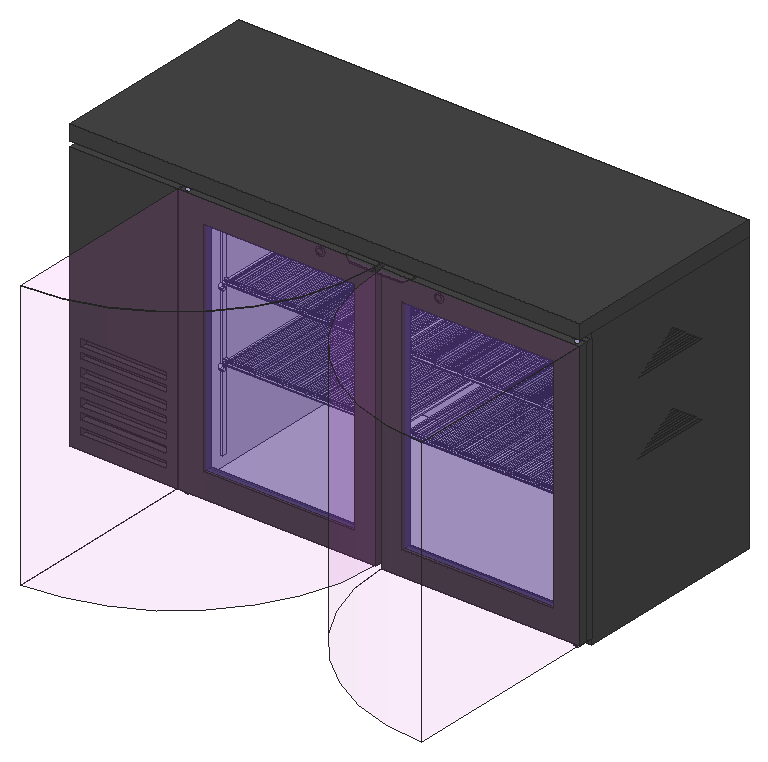
Revit family "QF_True_TBB24-60-2G-Z1-BST-S-1_Glass_Swing_Door_Back_Bar", category Specialty Equipment, Revit 2021
Family settings
  Round Connector Dimension = Use Diameter
  Part Type = Normal
  Work Plane-Based = No
  Always vertical = Yes
  Cut with Voids When Loaded = No
  Shared = No
  Room Calculation Point = No
Parameters
  Weight in Pounds = 345
  Watts = Volts * FL Amps  # 368 W
  Volts = 115 V
  URL Cutsheet = ""
  Specification by User = ""
  Specification by Manufacturer = ""
  Show Seismic Flanged [instance] = yes
  Show Door Clearance [instance] = yes
  Show Default [instance] = if(or([Show 2" Casters], [Show 3" Casters]), or(or([Show 4" Casters], [Show 5" Casters], [Show 6" Legs]), and([Show 2" Casters], [Show 3" Casters]), and([Show 3" Casters], Show Seismic Flanged)), if(or([Show 4" Casters], [Show 5" Casters]), or(or([Show 6" Legs], Show Seismic Flanged), and([Show 4" Casters], [Show 5" Casters])), if([Show 6" Legs], Show Seismic Flanged, not(Show Seismic Flanged))))  # yes
  Show 6" Legs [instance] = yes
  Show 5" Casters [instance] = yes
  Show 4" Casters [instance] = yes
  Show 3" Casters [instance] = yes
  Show 2" Casters [instance] = yes
  Serial Number = ""
  Seismic Rating = ""
  SMACNA No = ""
  Revision Code = ""
  Phase = 1
  Number of Poles = 1
  NAFEM Spec ID Number = ""
  Model = "TBB24-60-2G-Z1-BST-S-1"
  Min Ckt Ampacity = 0 A
  Max Overcurrent Protection = 0 A
  Masterspec = ""
  Manufacturer = "True"
  Length = 60 1/32"
  Item Number = ""
  Installed By = ""
  Identify Quantity as Lot = yes
  Height [instance] = Base Height + Body Height  # 34 3/16"
  HP = "1/4"
  Furnished By = ""
  Foodservice Equipment Identifier = yes
  FL Amps = 3.2 A
  Electrical Remarks = ""
  Electric Connection Type = ""
  Elec Conn RI Height = 0"
  Elec Conn Connection Height = 0"
  Door Finish [instance] = QF_Metallic_Paint_Black_Smooth
  Description = "Glass Swing Door Back Bar 24\" Depth Single Zone Cooler with Black Sub Top and Black Exterior"
  Depth = 25 11/32"
  Default Elevation = 0"
  Cycle = 60 Hz
  Counter Top Finish [instance] = QF_Metallic_Paint_Black_Smooth
  Conn Plug = "NEMA 5-15P"
  Conn Conduit = yes
  CSI MasterFormat = ""
  Body Height [instance] = 34 3/16"
  Body Finish [instance] = QF_Metallic_Paint_Black_Smooth
  Base Height [instance] = if(Show Default, 0", if([Show 2" Casters], 2", if([Show 3" Casters], 3", if([Show 4" Casters], 4", if([Show 5" Casters], 5", if([Show 6" Legs], 6", if(Show Seismic Flanged, 6", 0")))))))  # 0"
  Apparent Power = 0 VA
Reference planes (in)
  plane 1 "BACK": y = 0
  plane 2: z = 0
  plane 3 "LEFT": x = 0
  plane 4 "RIGHT": x = 60.03125
  plane 5 "FRONT": y = -25.34375
  plane 6 "TOP": z = 34.1875
  plane 7 "Center Y": x = 30.01563
  plane 8 "Center X": y = -12.67188
  plane 9: z = 0
Dimensions and locks (in)
  equal spacing: plane 3 "LEFT", plane 7 "Center Y", plane 4 "RIGHT"
  "Length": plane 3 "LEFT" to plane 4 "RIGHT"
  equal spacing: plane 5 "FRONT", plane 8 "Center X", plane 1 "BACK"
  "Depth": plane 5 "FRONT" to plane 1 "BACK"
  plane 6 "TOP" to level = 34 3/16"
  "Body Height": plane 6 "TOP" to plane 9
  "Base Height": plane 9 to level
  aligned and locked: level to plane 2
  aligned and locked: nested 1 to plane 9
Nested families (in)
  nested 1: "TBB24-60-2G-Z1-BST-B-1" at (0, 0, 0), Body Finish <- "Body Finish", Counter Top Finishes <- "Counter Top Finish", Door Finish <- "Door Finish", Show Door Clearance <- "Show Door Clearance", type "TBB24-60-2G-Z1-BST-B-1"
    with Show Door Clearance yes, Door Finish QF_Metallic_Paint_Black_Smooth, Counter Top Finishes QF_Metallic_Paint_Black_Smooth, Body Finish QF_Metallic_Paint_Black_Smooth
  nested 2: "Family3" at (3.26562, -20.66792, 0), Show 2" Casters <- "Show 2" Casters", Show 3" Casters <- "Show 3" Casters", Show 4" Casters <- "Show 4" Casters", Show 5" Casters <- "Show 5" Casters", Show 6" Legs <- "Show 6" Legs", Show Seismic Flanged <- "Show Seismic Flanged", type "Family3"
    with Show Seismic Flanged yes, Show 6" Legs yes, Show 5" Casters yes, Show 4" Casters yes, Show 3" Casters yes, Show 2" Casters yes
  nested 3: "Family3" at (57.26562, -20.66792, 0), Show 2" Casters <- "Show 2" Casters", Show 3" Casters <- "Show 3" Casters", Show 4" Casters <- "Show 4" Casters", Show 5" Casters <- "Show 5" Casters", Show 6" Legs <- "Show 6" Legs", Show Seismic Flanged <- "Show Seismic Flanged", type "Family3"
    with Show Seismic Flanged yes, Show 6" Legs yes, Show 5" Casters yes, Show 4" Casters yes, Show 3" Casters yes, Show 2" Casters yes
  nested 4: "Family3" at (3.26562, -2.91792, 0), Show 2" Casters <- "Show 2" Casters", Show 3" Casters <- "Show 3" Casters", Show 4" Casters <- "Show 4" Casters", Show 5" Casters <- "Show 5" Casters", Show 6" Legs <- "Show 6" Legs", Show Seismic Flanged <- "Show Seismic Flanged", type "Family3"
    with Show Seismic Flanged yes, Show 6" Legs yes, Show 5" Casters yes, Show 4" Casters yes, Show 3" Casters yes, Show 2" Casters yes
  nested 5: "Family3" at (57.26562, -2.91792, 0), Show 2" Casters <- "Show 2" Casters", Show 3" Casters <- "Show 3" Casters", Show 4" Casters <- "Show 4" Casters", Show 5" Casters <- "Show 5" Casters", Show 6" Legs <- "Show 6" Legs", Show Seismic Flanged <- "Show Seismic Flanged", type "Family3"
    with Show Seismic Flanged yes, Show 6" Legs yes, Show 5" Casters yes, Show 4" Casters yes, Show 3" Casters yes, Show 2" Casters yes
Connectors (in)
  electrical at (5.92159, 0.23047, 18.36709), driven by "Volts", driven by "Watts"
    settings: on nested 1, index 1, voltage 115 V, apparent load 368 VA, apparent load phase1 0 VA, apparent load phase2 0 VA, apparent load phase3 0 VA, power factor 1, load classification "Other", number of poles 1, system type 30, power factor state 1, is connector primary yes, connector utility no, sub classification motor no, connector description "ELECTRICAL CONNECTION"
Definition of nested family "TBB24-60-2G-Z1-BST-B-1"
  Parameters (values of type "TBB24-60-2G-Z1-BST-B-1")
    Weight in Pounds = 0
    URL Cutsheet = ""
    Specification by User = ""
    Specification by Manufacturer = ""
    Show Door Clearance [instance] = yes
    Serial Number = ""
    Seismic Rating = ""
    SMACNA No = ""
    Revision Code = ""
    NAFEM Spec ID Number = ""
    Masterspec = ""
    Length = 60 1/32"
    Item Number = ""
    Installed By = ""
    Identify Quantity as Lot = yes
    Height = 34 23/32"
    Furnished By = ""
    Foodservice Equipment Identifier = yes
    Door Finish [instance] = none
    Depth = 25 11/32"
    Default Elevation = 0"
    Counter Top Finishes [instance] = none
    CSI MasterFormat = ""
    Body Finish [instance] = none
  Reference planes (in)
    plane 1 "BACK": y = 0
    plane 2: z = 0
    plane 3 "LEFT": x = 0
    plane 4 "RIGHT": x = 60.03125
    plane 5 "FRONT": y = -25.34375
    plane 6 "TOP": z = 34.71875
    plane 7 "Center Y": x = 30.01563
    plane 8 "Center X": y = -12.67188
    plane 9: y = -48.09375
    plane 10: z = 0.6875
    plane 11: z = 32.9375
    plane 12: z = 2.0625
    plane 13: y = -21.41792
    plane 14: z = 0.33506
    plane 15: y = -24.875
    plane 16: y = -21.41792
  Forms (in)
    Extrusion 1, solid, material <- "Counter Top Finishes"
      sketch origin (0, 0, 0) x (1, 0, 0) y (0, 0, 1)
        loop
          line (0, 34.71875) -> (0, 32.9375) -> (60.03125, 32.9375) -> (60.03125, 34.71875) -> (0, 34.71875)
      from 0 to 24.875
    Extrusion 2, solid, material <- "Body Finish"
      sketch origin (0, 0, 0) x (0, 1, 0) y (0, 0, 1)
        loop
          line (0, 32.9375) -> (-23.09422, 32.9375) -> (-23.09422, 0) -> (0, 0) -> (0, 32.9375)
      from 0 to 60.03125
    Extrusion 3, void
      sketch origin (-0.75, -1.91691, 2.0625) x (0, -1, 0) y (1, 0, 0)
        loop
          line (0, 15.65625) -> (21.17731, 15.65625) -> (21.17731, 58.16688) -> (0, 58.16688) -> (0, 15.65625)
      from 0 to 30.21251
    Extrusion 4, solid, material <- "Body Finish"
      sketch origin (0, -23.09422, 32.9375) x (0, 0, -1) y (1, 0, 0)
        loop
          line (0.66249, 0) -> (32.25, 0) -> (32.25, 12.78125) -> (0.66249, 12.78125) -> (0.66249, 0)
      from 0 to 1.78078
    Extrusion 5, void
      sketch origin (0, -24.875, 32.9375) x (0, 0, 1) y (1, 0, 0)
        loop
          line (-20.35539, 1.27626) -> (-20.35539, 11.4546) -> (-21.35539, 11.4546) -> (-21.35539, 1.27626) -> (-20.35539, 1.27626)
        loop
          line (-21.80947, 1.27626) -> (-21.80947, 11.4546) -> (-22.63661, 11.4546) -> (-22.63661, 1.27626) -> (-21.80947, 1.27626)
        loop
          line (-23.48039, 1.27626) -> (-23.48039, 11.4546) -> (-24.48039, 11.4546) -> (-24.48039, 1.27626) -> (-23.48039, 1.27626)
        loop
          line (-25.05947, 1.27626) -> (-25.05947, 11.4546) -> (-25.88661, 11.4546) -> (-25.88661, 1.27626) -> (-25.05947, 1.27626)
        loop
          line (-26.60539, 1.27626) -> (-26.60539, 11.4546) -> (-27.60539, 11.4546) -> (-27.60539, 1.27626) -> (-26.60539, 1.27626)
        loop
          line (-28.18447, 1.27626) -> (-28.18447, 11.4546) -> (-29.01161, 11.4546) -> (-29.01161, 1.27626) -> (-28.18447, 1.27626)
        loop
          line (-29.80947, 1.27626) -> (-29.80947, 11.4546) -> (-30.63661, 11.4546) -> (-30.63661, 1.27626) -> (-29.80947, 1.27626)
      from 0 to 0.83594
    Extrusion 6, solid
      sketch origin (0, 0, 32.6875) x (0, 0, 1) y (1, 0, 0)
        loop
          arc (-12.59037, 11.27264) -> (-12.81004, 11.80298) -> (-13.34037, 12.02264) r 0.75
          line (-13.34037, 12.02264) -> (-31.375, 12.02264)
          arc (-31.375, 12.02264) -> (-31.90533, 11.80298) -> (-32.125, 11.27264) r 0.75
          line (-32.125, 11.27264) -> (-32.125, 0.75)
          arc (-32.125, 0.75) -> (-31.90533, 0.21967) -> (-31.375, 0) r 0.75
          line (-31.375, 0) -> (-13.34037, 0)
          arc (-13.34037, 0) -> (-12.81004, 0.21967) -> (-12.59037, 0.75) r 0.75
          line (-12.59037, 0.75) -> (-12.59037, 5.19897) -> (-12.14941, 5.19897)
          arc (-12.14941, 5.19897) -> (-11.39941, 5.94897) -> (-12.14941, 6.69897) r 0.75
          line (-12.14941, 6.69897) -> (-12.59037, 6.69897) -> (-12.59037, 11.27264)
      from 0 to 0.03125
    Extrusion 7, solid
      sketch origin (0, 0.03125, 32.6875) x (0, 0, 1) y (1, 0, 0)
        loop
          line (-11.64941, 5.94897) -> (-11.89941, 6.38198) -> (-12.39941, 6.38198) -> (-12.64941, 5.94897) -> (-12.39941, 5.51596) -> (-11.89941, 5.51596) -> (-11.64941, 5.94897)
      from 0 to 0.19922
    Extrusion 8, solid
      sketch origin (0, 0.03125, 32.6875) x (0, 0, 1) y (1, 0, 0)
        loop
          circle (-14.32041, 5.92159) r 0.5
      from 0 to 0.19922
    Blend 9, solid, material <- "Door Finish"
      base sketch origin (-5, -24.875, 35.99786) x (0, 0, -1) y (1, 0, 0)
        loop
          circle (4.37806, 48.52437) r 0.5
      top sketch origin (-5, -24.875, 35.99786) x (0, 0, 1) y (1, 0, 0)
        loop
          circle (-4.37806, 48.52437) r 0.37406
      from 0 to 0.04478
    Extrusion 10, solid
      sketch origin (14.90625, -23.09422, 2.0625) x (0, 1, 0) y (0, 0, 1)
        loop
          line (1.6763, 28.46788) -> (1.6763, 1.46788) -> (2.1763, 1.46788) -> (2.1763, 28.46788) -> (1.6763, 28.46788)
        loop
          line (17.9263, 28.46788) -> (17.9263, 1.46788) -> (18.4263, 1.46788) -> (18.4263, 28.46788) -> (17.9263, 28.46788)
      from 0 to 0.38124
    Extrusion 11, solid
      sketch origin (57.41688, -1.91691, 2.0625) x (0, -1, 0) y (0, 0, 1)
        loop
          line (19.50101, 28.46788) -> (19.00101, 28.46788) -> (19.00101, 1.46788) -> (19.50101, 1.46788) -> (19.50101, 28.46788)
        loop
          line (3.25101, 28.46788) -> (2.75101, 28.46788) -> (2.75101, 1.46788) -> (3.25101, 1.46788) -> (3.25101, 28.46788)
      from 0 to 0.38124
    Extrusion 12, solid
      sketch origin (19.04188, -1.91691, 2.0625) x (1, 0, 0) y (0, 0, 1)
        loop
          line (15.49577, 28.46788) -> (15.49577, 1.46788) -> (15.99577, 1.46788) -> (15.99577, 28.46788) -> (15.49577, 28.46788)
        loop
          line (18.27204, 28.46788) -> (17.77204, 28.46788) -> (17.77204, 1.46788) -> (18.27204, 1.46788) -> (18.27204, 28.46788)
        loop
          line (-0.31673, 28.46788) -> (-0.31673, 1.46788) -> (0.18327, 1.46788) -> (0.18327, 28.46788) -> (-0.31673, 28.46788)
        loop
          line (34.59516, 28.46788) -> (34.09516, 28.46788) -> (34.09516, 1.46788) -> (34.59516, 1.46788) -> (34.59516, 28.46788)
      from 0 to 0.38281
    Sweep 13, solid
      path origin (-10.42517, -180.25, 22.00641) x (-1, 0, 0) y (0, -1, 0)
        loop
          line (-25.93408, -158.83208) -> (-45.43408, -158.83208)
          arc (-45.43408, -158.83208) -> (-45.78763, -158.97853) -> (-45.93408, -159.33208) r 0.5
          line (-45.93408, -159.33208) -> (-45.93408, -177.20028)
          arc (-45.93408, -177.20028) -> (-45.78763, -177.55383) -> (-45.43408, -177.70028) r 0.5
          line (-45.43408, -177.70028) -> (-26.43408, -177.70028)
          arc (-26.43408, -177.70028) -> (-26.08052, -177.55383) -> (-25.93408, -177.20028) r 0.5
          line (-25.93408, -177.20028) -> (-25.93408, -158.33208)
          arc (-25.93408, -158.33208) -> (-26.08052, -157.97853) -> (-26.43408, -157.83208) r 0.5
          line (-26.43408, -157.83208) -> (-26.68408, -157.83208)
      profile origin (15.50891, -12.48382, 22.00641) x (1, 0, 0) y (0, 0, 1)
        loop
          circle (0, -0.10817) r 0.14183
    Extrusion 14, solid
      sketch origin (19.04188, -21.41792, 3.53038) x (0, 0, 1) y (-1, 0, 0)
        loop
          line (18.22603, 3.31156) -> (18.22603, 3.75439) -> (17.64488, 3.75439) -> (18.08771, 3.31156) -> (18.22603, 3.31156)
        loop
          line (18.22603, -37.55093) -> (18.08771, -37.55093) -> (17.64488, -37.99376) -> (18.22603, -37.99376) -> (18.22603, -37.55093)
      from 0 to -0.5
    Extrusion 15, solid
      sketch origin (25.04188, -5.16792, 3.53038) x (0, 0, 1) y (-1, 0, 0)
        loop
          line (18.22603, 9.31156) -> (18.22603, 9.75439) -> (17.64488, 9.75439) -> (18.08771, 9.31156) -> (18.22603, 9.31156)
        loop
          line (18.22603, -31.55093) -> (18.08771, -31.55093) -> (17.64488, -31.99376) -> (18.22603, -31.99376) -> (18.22603, -31.55093)
      from 0 to -0.5
    Extrusion 16, solid
      sketch origin (34.53765, -1.91691, 3.53038) x (0, 0, 1) y (0, 1, 0)
        loop
          line (18.22603, -0.82564) -> (18.22603, -0.38281) -> (17.64488, -0.38281) -> (18.08771, -0.82564) -> (18.22603, -0.82564)
      from 0 to -0.5
    Extrusion 17, solid
      sketch origin (18.72515, -1.91691, 3.53038) x (0, 0, 1) y (0, 1, 0)
        loop
          line (18.22603, -0.82564) -> (18.22603, -0.38281) -> (17.64488, -0.38281) -> (18.08771, -0.82564) -> (18.22603, -0.82564)
      from 0 to -0.5
    Extrusion 18, solid
      sketch origin (37.31391, -1.91691, 29.47235) x (0, 0, 1) y (0, -1, 0)
        loop
          line (-7.71594, 0.82564) -> (-7.85426, 0.82564) -> (-8.29708, 0.38281) -> (-7.71594, 0.38281) -> (-7.71594, 0.82564)
      from 0 to -0.5
    Extrusion 19, solid
      sketch origin (14.90625, -21.41792, -4.96962) x (0, 0, 1) y (-1, 0, 0)
        loop
          line (18.22603, -0.82407) -> (18.22603, -0.38124) -> (17.64488, -0.38124) -> (18.08771, -0.82407) -> (18.22603, -0.82407)
        loop
          line (18.22603, -41.68656) -> (18.08771, -41.68656) -> (17.64488, -42.12939) -> (18.22603, -42.12939) -> (18.22603, -41.68656)
      from 0 to -0.5
    Extrusion 20, solid
      sketch origin (34.53765, -1.91691, -4.96962) x (0, 0, 1) y (0, 1, 0)
        loop
          line (18.22603, -0.82564) -> (18.22603, -0.38281) -> (17.64488, -0.38281) -> (18.08771, -0.82564) -> (18.22603, -0.82564)
      from 0 to -0.5
    Extrusion 21, solid
      sketch origin (18.72515, -1.91691, -4.96962) x (0, 0, 1) y (0, 1, 0)
        loop
          line (18.22603, -0.82564) -> (18.22603, -0.38281) -> (17.64488, -0.38281) -> (18.08771, -0.82564) -> (18.22603, -0.82564)
      from 0 to -0.5
    Extrusion 22, solid
      sketch origin (15.5375, -180, 22.04397) x (0, 0, 1) y (0, -1, 0)
        loop
          circle (0.11695, -158.83233) r 0.05462
      from -0.25 to 19.9636
    Extrusion 23, solid
      sketch origin (15.5375, -180, 13.54397) x (0, 0, 1) y (0, -1, 0)
        loop
          circle (0.11695, -158.83233) r 0.05462
      from -0.25 to 19.9636
    Extrusion 24, solid
      sketch origin (56.82469, -180, 22.04397) x (0, 0, 1) y (0, 1, 0)
        loop
          circle (0.11695, 158.83233) r 0.05462
      from -0.21094 to 20.01078
    Extrusion 25, solid
      sketch origin (56.82022, -180, 13.54007) x (0, 0, 1) y (0, 1, 0)
        loop
          circle (0.11695, 158.83233) r 0.05462
      from -0.21094 to 20.00631
    Extrusion 26, solid
      sketch origin (-1.61038, -180, 0.33506) x (-1, 0, 0) y (0, -1, 0)
        loop
          line (-61.29788, -156.90578) -> (-59.66418, -156.90578)
          arc (-59.66418, -156.90578) -> (-59.54705, -156.82752) -> (-59.57453, -156.68935) r 0.12678
          line (-59.57453, -156.68935) -> (-60.70798, -155.5559)
          arc (-60.70798, -155.5559) -> (-60.77855, -155.50875) -> (-60.8618, -155.49219) r 0.21754
          line (-60.8618, -155.49219) -> (-61.1513, -155.49219)
          arc (-61.1513, -155.49219) -> (-61.25494, -155.53512) -> (-61.29788, -155.63876) r 0.14658
          line (-61.29788, -155.63876) -> (-61.29788, -156.90578)
        loop
          line (-14.76663, -156.90578) -> (-14.76663, -155.63876)
          arc (-14.76663, -155.63876) -> (-14.80956, -155.53512) -> (-14.9132, -155.49219) r 0.14658
          line (-14.9132, -155.49219) -> (-15.2027, -155.49219)
          arc (-15.2027, -155.49219) -> (-15.28595, -155.50875) -> (-15.35652, -155.5559) r 0.21754
          line (-15.35652, -155.5559) -> (-16.48997, -156.68935)
          arc (-16.48997, -156.68935) -> (-16.51745, -156.82752) -> (-16.40032, -156.90578) r 0.12678
          line (-16.40032, -156.90578) -> (-14.76663, -156.90578)
      from 0 to 0.0625
    Extrusion 27, solid
      sketch origin (0.42834, -23.09422, 32.9375) x (0, 0, -1) y (1, 0, 0)
        loop
          line (32.60244, 12.72791) -> (32.60244, 14.48839) -> (32.25, 14.48839) -> (32.25, 12.72791) -> (32.60244, 12.72791)
        loop
          line (32.60244, 59.25916) -> (32.25, 59.25916) -> (32.25, 57.49868) -> (32.60244, 57.49868) -> (32.60244, 59.25916)
      from 0 to 0.0625
    Revolve 28, solid
      sketch origin (59.28125, -179.80331, 0.39756) x (0, 0, 1) y (0, -1, 0)
        loop
          line (0.28994, -155.82696) -> (0, -155.82696) -> (0, -156.0211) -> (0.28994, -156.0211) -> (0.28994, -155.82696)
        axis (0.28994, -155.82696) -> (0, -155.82696)
      angle from 0 to 360
    Revolve 29, solid
      sketch origin (13.53125, -179.80331, 0.39756) x (0, 0, 1) y (0, -1, 0)
        loop
          line (0.28994, -155.82696) -> (0, -155.82696) -> (0, -156.0211) -> (0.28994, -156.0211) -> (0.28994, -155.82696)
        axis (0.28994, -155.82696) -> (0, -155.82696)
      angle from 0 to 360
    Extrusion 30, solid, material <- "Door Finish"
      sketch origin (0, -23.09422, 32.9375) x (0, 0, -1) y (1, 0, 0)
        loop
          line (0.66249, 12.78125) -> (32.25, 12.78125) -> (32.25, 36.40625) -> (0.66249, 36.40625) -> (0.66249, 12.78125)
        loop
          line (31.25, 13.78125) -> (31.25, 35.40625) -> (1.66249, 35.40625) -> (1.66249, 13.78125) -> (31.25, 13.78125)
      from 0 to 0.64622
    Extrusion 31, solid, material <- "Door Finish"
      sketch origin (71.7727, -23.09422, 32.9375) x (0, 0, -1) y (1, 0, 0)
        loop
          line (0.66249, -11.74145) -> (0.66249, -35.36645) -> (32.25, -35.36645) -> (32.25, -11.74145) -> (0.66249, -11.74145)
        loop
          line (31.25, -12.74145) -> (1.66249, -12.74145) -> (1.66249, -34.36645) -> (31.25, -34.36645) -> (31.25, -12.74145)
      from 0 to 0.64622
    Extrusion 32, solid, material <- "Door Finish"
      sketch origin (71.7727, -23.09422, 32.9375) x (0, 0, -1) y (1, 0, 0)
        loop
          line (0.66249, -11.74145) -> (0.66249, -35.05395) -> (32.25, -35.05395) -> (32.25, -11.74145) -> (0.66249, -11.74145)
        loop
          line (3.27169, -14.74153) -> (3.27169, -32.59088) -> (29.40712, -32.59088) -> (29.40712, -14.74153) -> (3.27169, -14.74153)
      from 1.78078 to 0.64622
    Sweep 33, solid
      path origin (-10.42517, -180.25, 13.50641) x (-1, 0, 0) y (0, -1, 0)
        loop
          line (-25.93408, -158.83208) -> (-45.43408, -158.83208)
          arc (-45.43408, -158.83208) -> (-45.78763, -158.97853) -> (-45.93408, -159.33208) r 0.5
          line (-45.93408, -159.33208) -> (-45.93408, -177.20028)
          arc (-45.93408, -177.20028) -> (-45.78763, -177.55383) -> (-45.43408, -177.70028) r 0.5
          line (-45.43408, -177.70028) -> (-26.43408, -177.70028)
          arc (-26.43408, -177.70028) -> (-26.08052, -177.55383) -> (-25.93408, -177.20028) r 0.5
          line (-25.93408, -177.20028) -> (-25.93408, -158.33208)
          arc (-25.93408, -158.33208) -> (-26.08052, -157.97853) -> (-26.43408, -157.83208) r 0.5
          line (-26.43408, -157.83208) -> (-26.68408, -157.83208)
      profile origin (15.50891, -12.48382, 13.50641) x (1, 0, 0) y (0, 0, 1)
        loop
          circle (0, -0.10817) r 0.14183
    Extrusion 34, solid
      sketch origin (53.63704, -1.91691, 29.47235) x (0, 0, 1) y (0, -1, 0)
        loop
          line (-7.71594, 0.82564) -> (-7.85426, 0.82564) -> (-8.29708, 0.38281) -> (-7.71594, 0.38281) -> (-7.71594, 0.82564)
      from 0 to -0.5
    Extrusion 35, solid
      sketch origin (36.81391, -1.91691, 30.53038) x (0, 0, -1) y (0, -1, 0)
        loop
          line (17.27397, 0.82564) -> (17.27397, 0.38281) -> (17.85512, 0.38281) -> (17.41229, 0.82564) -> (17.27397, 0.82564)
      from 0 to -0.5
    Extrusion 36, solid
      sketch origin (53.63704, -1.91691, 3.53038) x (0, 0, 1) y (0, -1, 0)
        loop
          line (9.72603, 0.82564) -> (9.58771, 0.82564) -> (9.14488, 0.38281) -> (9.72603, 0.38281) -> (9.72603, 0.82564)
      from 0 to -0.5
    Sweep 37, solid
      path origin (82.7483, -180.25, 22.00641) x (1, 0, 0) y (0, 1, 0)
        loop
          line (-25.93408, 158.83208) -> (-45.43408, 158.83208)
          arc (-45.43408, 158.83208) -> (-45.78763, 158.97853) -> (-45.93408, 159.33208) r 0.5
          line (-45.93408, 159.33208) -> (-45.93408, 177.20028)
          arc (-45.93408, 177.20028) -> (-45.78763, 177.55383) -> (-45.43408, 177.70028) r 0.5
          line (-45.43408, 177.70028) -> (-26.43408, 177.70028)
          arc (-26.43408, 177.70028) -> (-26.08052, 177.55383) -> (-25.93408, 177.20028) r 0.5
          line (-25.93408, 177.20028) -> (-25.93408, 158.33208)
          arc (-25.93408, 158.33208) -> (-26.08052, 157.97853) -> (-26.43408, 157.83208) r 0.5
          line (-26.43408, 157.83208) -> (-26.68408, 157.83208)
      profile origin (56.81422, -12.48382, 22.00641) x (1, 0, 0) y (0, 0, 1)
        loop
          circle (0, -0.10817) r 0.14183
    Sweep 38, solid
      path origin (82.7483, -180.25, 13.50641) x (1, 0, 0) y (0, 1, 0)
        loop
          line (-25.93408, 158.83208) -> (-45.43408, 158.83208)
          arc (-45.43408, 158.83208) -> (-45.78763, 158.97853) -> (-45.93408, 159.33208) r 0.5
          line (-45.93408, 159.33208) -> (-45.93408, 177.20028)
          arc (-45.93408, 177.20028) -> (-45.78763, 177.55383) -> (-45.43408, 177.70028) r 0.5
          line (-45.43408, 177.70028) -> (-26.43408, 177.70028)
          arc (-26.43408, 177.70028) -> (-26.08052, 177.55383) -> (-25.93408, 177.20028) r 0.5
          line (-25.93408, 177.20028) -> (-25.93408, 158.33208)
          arc (-25.93408, 158.33208) -> (-26.08052, 157.97853) -> (-26.43408, 157.83208) r 0.5
          line (-26.43408, 157.83208) -> (-26.68408, 157.83208)
      profile origin (56.81422, -12.48382, 13.50641) x (1, 0, 0) y (0, 0, 1)
        loop
          circle (0, -0.10817) r 0.14183
    Extrusion 39, solid
      sketch origin (0, -21.41792, 22.04105) x (0, 0, -1) y (1, 0, 0)
        loop
          circle (-0.03189, 15.80488) r 0.03205
      from 0 to -18.90457
    Extrusion 40, solid
      sketch origin (19.5489, -21.41792, 22.04105) x (0, 0, -1) y (1, 0, 0)
        loop
          circle (-0.03189, 15.80488) r 0.03205
      from 0 to -18.90457
    Extrusion 41, solid
      sketch origin (0.33134, -21.41792, 22.04105) x (0, 0, -1) y (1, 0, 0)
        loop
          circle (-0.03189, 15.80488) r 0.03205
      from 0 to -18.90457
    Extrusion 42, solid
      sketch origin (0.66267, -21.41792, 22.04105) x (0, 0, -1) y (1, 0, 0)
        loop
          circle (-0.03189, 15.80488) r 0.03205
      from 0 to -18.90457
    Extrusion 43, solid
      sketch origin (0.99401, -21.41792, 22.04105) x (0, 0, -1) y (1, 0, 0)
        loop
          circle (-0.03189, 15.80488) r 0.03205
      from 0 to -18.90457
    Extrusion 44, solid
      sketch origin (1.32535, -21.41792, 22.04105) x (0, 0, -1) y (1, 0, 0)
        loop
          circle (-0.03189, 15.80488) r 0.03205
      from 0 to -18.90457
    Extrusion 45, solid
      sketch origin (1.65669, -21.41792, 22.04105) x (0, 0, -1) y (1, 0, 0)
        loop
          circle (-0.03189, 15.80488) r 0.03205
      from 0 to -18.90457
    Extrusion 46, solid
      sketch origin (1.98802, -21.41792, 22.04105) x (0, 0, -1) y (1, 0, 0)
        loop
          circle (-0.03189, 15.80488) r 0.03205
      from 0 to -18.90457
    Extrusion 47, solid
      sketch origin (2.31936, -21.41792, 22.04105) x (0, 0, -1) y (1, 0, 0)
        loop
          circle (-0.03189, 15.80488) r 0.03205
      from 0 to -18.90457
    Extrusion 48, solid
      sketch origin (2.6507, -21.41792, 22.04105) x (0, 0, -1) y (1, 0, 0)
        loop
          circle (-0.03189, 15.80488) r 0.03205
      from 0 to -18.90457
    Extrusion 49, solid
      sketch origin (2.98203, -21.41792, 22.04105) x (0, 0, -1) y (1, 0, 0)
        loop
          circle (-0.03189, 15.80488) r 0.03205
      from 0 to -18.90457
    Extrusion 50, solid
      sketch origin (3.31337, -21.41792, 22.04105) x (0, 0, -1) y (1, 0, 0)
        loop
          circle (-0.03189, 15.80488) r 0.03205
      from 0 to -18.90457
    Extrusion 51, solid
      sketch origin (3.64471, -21.41792, 22.04105) x (0, 0, -1) y (1, 0, 0)
        loop
          circle (-0.03189, 15.80488) r 0.03205
      from 0 to -18.90457
    Extrusion 52, solid
      sketch origin (3.97605, -21.41792, 22.04105) x (0, 0, -1) y (1, 0, 0)
        loop
          circle (-0.03189, 15.80488) r 0.03205
      from 0 to -18.90457
    Extrusion 53, solid
      sketch origin (4.30738, -21.41792, 22.04105) x (0, 0, -1) y (1, 0, 0)
        loop
          circle (-0.03189, 15.80488) r 0.03205
      from 0 to -18.90457
    Extrusion 54, solid
      sketch origin (4.63872, -21.41792, 22.04105) x (0, 0, -1) y (1, 0, 0)
        loop
          circle (-0.03189, 15.80488) r 0.03205
      from 0 to -18.90457
    Extrusion 55, solid
      sketch origin (4.97006, -21.41792, 22.04105) x (0, 0, -1) y (1, 0, 0)
        loop
          circle (-0.03189, 15.80488) r 0.03205
      from 0 to -18.90457
    Extrusion 56, solid
      sketch origin (5.3014, -21.41792, 22.04105) x (0, 0, -1) y (1, 0, 0)
        loop
          circle (-0.03189, 15.80488) r 0.03205
      from 0 to -18.90457
    Extrusion 57, solid
      sketch origin (5.63273, -21.41792, 22.04105) x (0, 0, -1) y (1, 0, 0)
        loop
          circle (-0.03189, 15.80488) r 0.03205
      from 0 to -18.90457
    Extrusion 58, solid
      sketch origin (5.96407, -21.41792, 22.04105) x (0, 0, -1) y (1, 0, 0)
        loop
          circle (-0.03189, 15.80488) r 0.03205
      from 0 to -18.90457
    Extrusion 59, solid
      sketch origin (6.29541, -21.41792, 22.04105) x (0, 0, -1) y (1, 0, 0)
        loop
          circle (-0.03189, 15.80488) r 0.03205
      from 0 to -18.90457
    Extrusion 60, solid
      sketch origin (6.62674, -21.41792, 22.04105) x (0, 0, -1) y (1, 0, 0)
        loop
          circle (-0.03189, 15.80488) r 0.03205
      from 0 to -18.90457
    Extrusion 61, solid
      sketch origin (6.95808, -21.41792, 22.04105) x (0, 0, -1) y (1, 0, 0)
        loop
          circle (-0.03189, 15.80488) r 0.03205
      from 0 to -18.90457
    Extrusion 62, solid
      sketch origin (7.28942, -21.41792, 22.04105) x (0, 0, -1) y (1, 0, 0)
        loop
          circle (-0.03189, 15.80488) r 0.03205
      from 0 to -18.90457
    Extrusion 63, solid
      sketch origin (7.62076, -21.41792, 22.04105) x (0, 0, -1) y (1, 0, 0)
        loop
          circle (-0.03189, 15.80488) r 0.03205
      from 0 to -18.90457
    Extrusion 64, solid
      sketch origin (7.95209, -21.41792, 22.04105) x (0, 0, -1) y (1, 0, 0)
        loop
          circle (-0.03189, 15.80488) r 0.03205
      from 0 to -18.90457
    Extrusion 65, solid
      sketch origin (8.28343, -21.41792, 22.04105) x (0, 0, -1) y (1, 0, 0)
        loop
          circle (-0.03189, 15.80488) r 0.03205
      from 0 to -18.90457
    Extrusion 66, solid
      sketch origin (8.61477, -21.41792, 22.04105) x (0, 0, -1) y (1, 0, 0)
        loop
          circle (-0.03189, 15.80488) r 0.03205
      from 0 to -18.90457
    Extrusion 67, solid
      sketch origin (8.9461, -21.41792, 22.04105) x (0, 0, -1) y (1, 0, 0)
        loop
          circle (-0.03189, 15.80488) r 0.03205
      from 0 to -18.90457
    Extrusion 68, solid
      sketch origin (9.27744, -21.41792, 22.04105) x (0, 0, -1) y (1, 0, 0)
        loop
          circle (-0.03189, 15.80488) r 0.03205
      from 0 to -18.90457
    Extrusion 69, solid
      sketch origin (9.60878, -21.41792, 22.04105) x (0, 0, -1) y (1, 0, 0)
        loop
          circle (-0.03189, 15.80488) r 0.03205
      from 0 to -18.90457
    Extrusion 70, solid
      sketch origin (9.94012, -21.41792, 22.04105) x (0, 0, -1) y (1, 0, 0)
        loop
          circle (-0.03189, 15.80488) r 0.03205
      from 0 to -18.90457
    Extrusion 71, solid
      sketch origin (10.27145, -21.41792, 22.04105) x (0, 0, -1) y (1, 0, 0)
        loop
          circle (-0.03189, 15.80488) r 0.03205
      from 0 to -18.90457
    Extrusion 72, solid
      sketch origin (10.60279, -21.41792, 22.04105) x (0, 0, -1) y (1, 0, 0)
        loop
          circle (-0.03189, 15.80488) r 0.03205
      from 0 to -18.90457
    Extrusion 73, solid
      sketch origin (10.93413, -21.41792, 22.04105) x (0, 0, -1) y (1, 0, 0)
        loop
          circle (-0.03189, 15.80488) r 0.03205
      from 0 to -18.90457
    Extrusion 74, solid
      sketch origin (11.26547, -21.41792, 22.04105) x (0, 0, -1) y (1, 0, 0)
        loop
          circle (-0.03189, 15.80488) r 0.03205
      from 0 to -18.90457
    Extrusion 75, solid
      sketch origin (11.5968, -21.41792, 22.04105) x (0, 0, -1) y (1, 0, 0)
        loop
          circle (-0.03189, 15.80488) r 0.03205
      from 0 to -18.90457
    Extrusion 76, solid
      sketch origin (11.92814, -21.41792, 22.04105) x (0, 0, -1) y (1, 0, 0)
        loop
          circle (-0.03189, 15.80488) r 0.03205
      from 0 to -18.90457
    Extrusion 77, solid
      sketch origin (12.25948, -21.41792, 22.04105) x (0, 0, -1) y (1, 0, 0)
        loop
          circle (-0.03189, 15.80488) r 0.03205
      from 0 to -18.90457
    Extrusion 78, solid
      sketch origin (12.59081, -21.41792, 22.04105) x (0, 0, -1) y (1, 0, 0)
        loop
          circle (-0.03189, 15.80488) r 0.03205
      from 0 to -18.90457
    Extrusion 79, solid
      sketch origin (12.92215, -21.41792, 22.04105) x (0, 0, -1) y (1, 0, 0)
        loop
          circle (-0.03189, 15.80488) r 0.03205
      from 0 to -18.90457
    Extrusion 80, solid
      sketch origin (13.25349, -21.41792, 22.04105) x (0, 0, -1) y (1, 0, 0)
        loop
          circle (-0.03189, 15.80488) r 0.03205
      from 0 to -18.90457
    Extrusion 81, solid
      sketch origin (13.58483, -21.41792, 22.04105) x (0, 0, -1) y (1, 0, 0)
        loop
          circle (-0.03189, 15.80488) r 0.03205
      from 0 to -18.90457
    Extrusion 82, solid
      sketch origin (13.91616, -21.41792, 22.04105) x (0, 0, -1) y (1, 0, 0)
        loop
          circle (-0.03189, 15.80488) r 0.03205
      from 0 to -18.90457
    Extrusion 83, solid
      sketch origin (14.2475, -21.41792, 22.04105) x (0, 0, -1) y (1, 0, 0)
        loop
          circle (-0.03189, 15.80488) r 0.03205
      from 0 to -18.90457
    Extrusion 84, solid
      sketch origin (14.57884, -21.41792, 22.04105) x (0, 0, -1) y (1, 0, 0)
        loop
          circle (-0.03189, 15.80488) r 0.03205
      from 0 to -18.90457
    Extrusion 85, solid
      sketch origin (14.91017, -21.41792, 22.04105) x (0, 0, -1) y (1, 0, 0)
        loop
          circle (-0.03189, 15.80488) r 0.03205
      from 0 to -18.90457
    Extrusion 86, solid
      sketch origin (15.24151, -21.41792, 22.04105) x (0, 0, -1) y (1, 0, 0)
        loop
          circle (-0.03189, 15.80488) r 0.03205
      from 0 to -18.90457
    Extrusion 87, solid
      sketch origin (15.57285, -21.41792, 22.04105) x (0, 0, -1) y (1, 0, 0)
        loop
          circle (-0.03189, 15.80488) r 0.03205
      from 0 to -18.90457
    Extrusion 88, solid
      sketch origin (15.90419, -21.41792, 22.04105) x (0, 0, -1) y (1, 0, 0)
        loop
          circle (-0.03189, 15.80488) r 0.03205
      from 0 to -18.90457
    Extrusion 89, solid
      sketch origin (16.23552, -21.41792, 22.04105) x (0, 0, -1) y (1, 0, 0)
        loop
          circle (-0.03189, 15.80488) r 0.03205
      from 0 to -18.90457
    Extrusion 90, solid
      sketch origin (16.56686, -21.41792, 22.04105) x (0, 0, -1) y (1, 0, 0)
        loop
          circle (-0.03189, 15.80488) r 0.03205
      from 0 to -18.90457
    Extrusion 91, solid
      sketch origin (16.8982, -21.41792, 22.04105) x (0, 0, -1) y (1, 0, 0)
        loop
          circle (-0.03189, 15.80488) r 0.03205
      from 0 to -18.90457
    Extrusion 92, solid
      sketch origin (17.22954, -21.41792, 22.04105) x (0, 0, -1) y (1, 0, 0)
        loop
          circle (-0.03189, 15.80488) r 0.03205
      from 0 to -18.90457
    Extrusion 93, solid
      sketch origin (17.56087, -21.41792, 22.04105) x (0, 0, -1) y (1, 0, 0)
        loop
          circle (-0.03189, 15.80488) r 0.03205
      from 0 to -18.90457
    Extrusion 94, solid
      sketch origin (17.89221, -21.41792, 22.04105) x (0, 0, -1) y (1, 0, 0)
        loop
          circle (-0.03189, 15.80488) r 0.03205
      from 0 to -18.90457
    Extrusion 95, solid
      sketch origin (18.22355, -21.41792, 22.04105) x (0, 0, -1) y (1, 0, 0)
        loop
          circle (-0.03189, 15.80488) r 0.03205
      from 0 to -18.90457
    Extrusion 96, solid
      sketch origin (18.55488, -21.41792, 22.04105) x (0, 0, -1) y (1, 0, 0)
        loop
          circle (-0.03189, 15.80488) r 0.03205
      from 0 to -18.90457
    Extrusion 97, solid
      sketch origin (18.88622, -21.41792, 22.04105) x (0, 0, -1) y (1, 0, 0)
        loop
          circle (-0.03189, 15.80488) r 0.03205
      from 0 to -18.90457
    Extrusion 98, solid
      sketch origin (19.21756, -21.41792, 22.04105) x (0, 0, -1) y (1, 0, 0)
        loop
          circle (-0.03189, 15.80488) r 0.03205
      from 0 to -18.90457
    Extrusion 99, solid
      sketch origin (0, -21.41792, 13.54105) x (0, 0, -1) y (1, 0, 0)
        loop
          circle (-0.03189, 15.80488) r 0.03205
      from 0 to -18.90457
    Extrusion 100, solid
      sketch origin (19.5489, -21.41792, 13.54105) x (0, 0, -1) y (1, 0, 0)
        loop
          circle (-0.03189, 15.80488) r 0.03205
      from 0 to -18.90457
    Extrusion 101, solid
      sketch origin (0.33134, -21.41792, 13.54105) x (0, 0, -1) y (1, 0, 0)
        loop
          circle (-0.03189, 15.80488) r 0.03205
      from 0 to -18.90457
    Extrusion 102, solid
      sketch origin (0.66267, -21.41792, 13.54105) x (0, 0, -1) y (1, 0, 0)
        loop
          circle (-0.03189, 15.80488) r 0.03205
      from 0 to -18.90457
    Extrusion 103, solid
      sketch origin (0.99401, -21.41792, 13.54105) x (0, 0, -1) y (1, 0, 0)
        loop
          circle (-0.03189, 15.80488) r 0.03205
      from 0 to -18.90457
    Extrusion 104, solid
      sketch origin (1.32535, -21.41792, 13.54105) x (0, 0, -1) y (1, 0, 0)
        loop
          circle (-0.03189, 15.80488) r 0.03205
      from 0 to -18.90457
    Extrusion 105, solid
      sketch origin (1.65669, -21.41792, 13.54105) x (0, 0, -1) y (1, 0, 0)
        loop
          circle (-0.03189, 15.80488) r 0.03205
      from 0 to -18.90457
    Extrusion 106, solid
      sketch origin (1.98802, -21.41792, 13.54105) x (0, 0, -1) y (1, 0, 0)
        loop
          circle (-0.03189, 15.80488) r 0.03205
      from 0 to -18.90457
    Extrusion 107, solid
      sketch origin (2.31936, -21.41792, 13.54105) x (0, 0, -1) y (1, 0, 0)
        loop
          circle (-0.03189, 15.80488) r 0.03205
      from 0 to -18.90457
    Extrusion 108, solid
      sketch origin (2.6507, -21.41792, 13.54105) x (0, 0, -1) y (1, 0, 0)
        loop
          circle (-0.03189, 15.80488) r 0.03205
      from 0 to -18.90457
    Extrusion 109, solid
      sketch origin (2.98203, -21.41792, 13.54105) x (0, 0, -1) y (1, 0, 0)
        loop
          circle (-0.03189, 15.80488) r 0.03205
      from 0 to -18.90457
    Extrusion 110, solid
      sketch origin (3.31337, -21.41792, 13.54105) x (0, 0, -1) y (1, 0, 0)
        loop
          circle (-0.03189, 15.80488) r 0.03205
      from 0 to -18.90457
    Extrusion 111, solid
      sketch origin (3.64471, -21.41792, 13.54105) x (0, 0, -1) y (1, 0, 0)
        loop
          circle (-0.03189, 15.80488) r 0.03205
      from 0 to -18.90457
    Extrusion 112, solid
      sketch origin (3.97605, -21.41792, 13.54105) x (0, 0, -1) y (1, 0, 0)
        loop
          circle (-0.03189, 15.80488) r 0.03205
      from 0 to -18.90457
    Extrusion 113, solid
      sketch origin (4.30738, -21.41792, 13.54105) x (0, 0, -1) y (1, 0, 0)
        loop
          circle (-0.03189, 15.80488) r 0.03205
      from 0 to -18.90457
    Extrusion 114, solid
      sketch origin (4.63872, -21.41792, 13.54105) x (0, 0, -1) y (1, 0, 0)
        loop
          circle (-0.03189, 15.80488) r 0.03205
      from 0 to -18.90457
    Extrusion 115, solid
      sketch origin (4.97006, -21.41792, 13.54105) x (0, 0, -1) y (1, 0, 0)
        loop
          circle (-0.03189, 15.80488) r 0.03205
      from 0 to -18.90457
    Extrusion 116, solid
      sketch origin (5.3014, -21.41792, 13.54105) x (0, 0, -1) y (1, 0, 0)
        loop
          circle (-0.03189, 15.80488) r 0.03205
      from 0 to -18.90457
    Extrusion 117, solid
      sketch origin (5.63273, -21.41792, 13.54105) x (0, 0, -1) y (1, 0, 0)
        loop
          circle (-0.03189, 15.80488) r 0.03205
      from 0 to -18.90457
    Extrusion 118, solid
      sketch origin (5.96407, -21.41792, 13.54105) x (0, 0, -1) y (1, 0, 0)
        loop
          circle (-0.03189, 15.80488) r 0.03205
      from 0 to -18.90457
    Extrusion 119, solid
      sketch origin (6.29541, -21.41792, 13.54105) x (0, 0, -1) y (1, 0, 0)
        loop
          circle (-0.03189, 15.80488) r 0.03205
      from 0 to -18.90457
    Extrusion 120, solid
      sketch origin (6.62674, -21.41792, 13.54105) x (0, 0, -1) y (1, 0, 0)
        loop
          circle (-0.03189, 15.80488) r 0.03205
      from 0 to -18.90457
    Extrusion 121, solid
      sketch origin (6.95808, -21.41792, 13.54105) x (0, 0, -1) y (1, 0, 0)
        loop
          circle (-0.03189, 15.80488) r 0.03205
      from 0 to -18.90457
    Extrusion 122, solid
      sketch origin (7.28942, -21.41792, 13.54105) x (0, 0, -1) y (1, 0, 0)
        loop
          circle (-0.03189, 15.80488) r 0.03205
      from 0 to -18.90457
    Extrusion 123, solid
      sketch origin (7.62076, -21.41792, 13.54105) x (0, 0, -1) y (1, 0, 0)
        loop
          circle (-0.03189, 15.80488) r 0.03205
      from 0 to -18.90457
    Extrusion 124, solid
      sketch origin (7.95209, -21.41792, 13.54105) x (0, 0, -1) y (1, 0, 0)
        loop
          circle (-0.03189, 15.80488) r 0.03205
      from 0 to -18.90457
    Extrusion 125, solid
      sketch origin (8.28343, -21.41792, 13.54105) x (0, 0, -1) y (1, 0, 0)
        loop
          circle (-0.03189, 15.80488) r 0.03205
      from 0 to -18.90457
    Extrusion 126, solid
      sketch origin (8.61477, -21.41792, 13.54105) x (0, 0, -1) y (1, 0, 0)
        loop
          circle (-0.03189, 15.80488) r 0.03205
      from 0 to -18.90457
    Extrusion 127, solid
      sketch origin (8.9461, -21.41792, 13.54105) x (0, 0, -1) y (1, 0, 0)
        loop
          circle (-0.03189, 15.80488) r 0.03205
      from 0 to -18.90457
    Extrusion 128, solid
      sketch origin (9.27744, -21.41792, 13.54105) x (0, 0, -1) y (1, 0, 0)
        loop
          circle (-0.03189, 15.80488) r 0.03205
      from 0 to -18.90457
    Extrusion 129, solid
      sketch origin (9.60878, -21.41792, 13.54105) x (0, 0, -1) y (1, 0, 0)
        loop
          circle (-0.03189, 15.80488) r 0.03205
      from 0 to -18.90457
    Extrusion 130, solid
      sketch origin (9.94012, -21.41792, 13.54105) x (0, 0, -1) y (1, 0, 0)
        loop
          circle (-0.03189, 15.80488) r 0.03205
      from 0 to -18.90457
    Extrusion 131, solid
      sketch origin (10.27145, -21.41792, 13.54105) x (0, 0, -1) y (1, 0, 0)
        loop
          circle (-0.03189, 15.80488) r 0.03205
      from 0 to -18.90457
    Extrusion 132, solid
      sketch origin (10.60279, -21.41792, 13.54105) x (0, 0, -1) y (1, 0, 0)
        loop
          circle (-0.03189, 15.80488) r 0.03205
      from 0 to -18.90457
    Extrusion 133, solid
      sketch origin (10.93413, -21.41792, 13.54105) x (0, 0, -1) y (1, 0, 0)
        loop
          circle (-0.03189, 15.80488) r 0.03205
      from 0 to -18.90457
    Extrusion 134, solid
      sketch origin (11.26547, -21.41792, 13.54105) x (0, 0, -1) y (1, 0, 0)
        loop
          circle (-0.03189, 15.80488) r 0.03205
      from 0 to -18.90457
    Extrusion 135, solid
      sketch origin (11.5968, -21.41792, 13.54105) x (0, 0, -1) y (1, 0, 0)
        loop
          circle (-0.03189, 15.80488) r 0.03205
      from 0 to -18.90457
    Extrusion 136, solid
      sketch origin (11.92814, -21.41792, 13.54105) x (0, 0, -1) y (1, 0, 0)
        loop
          circle (-0.03189, 15.80488) r 0.03205
      from 0 to -18.90457
    Extrusion 137, solid
      sketch origin (12.25948, -21.41792, 13.54105) x (0, 0, -1) y (1, 0, 0)
        loop
          circle (-0.03189, 15.80488) r 0.03205
      from 0 to -18.90457
    Extrusion 138, solid
      sketch origin (12.59081, -21.41792, 13.54105) x (0, 0, -1) y (1, 0, 0)
        loop
          circle (-0.03189, 15.80488) r 0.03205
      from 0 to -18.90457
    Extrusion 139, solid
      sketch origin (12.92215, -21.41792, 13.54105) x (0, 0, -1) y (1, 0, 0)
        loop
          circle (-0.03189, 15.80488) r 0.03205
      from 0 to -18.90457
    Extrusion 140, solid
      sketch origin (13.25349, -21.41792, 13.54105) x (0, 0, -1) y (1, 0, 0)
        loop
          circle (-0.03189, 15.80488) r 0.03205
      from 0 to -18.90457
    Extrusion 141, solid
      sketch origin (13.58483, -21.41792, 13.54105) x (0, 0, -1) y (1, 0, 0)
        loop
          circle (-0.03189, 15.80488) r 0.03205
      from 0 to -18.90457
    Extrusion 142, solid
      sketch origin (13.91616, -21.41792, 13.54105) x (0, 0, -1) y (1, 0, 0)
        loop
          circle (-0.03189, 15.80488) r 0.03205
      from 0 to -18.90457
    Extrusion 143, solid
      sketch origin (14.2475, -21.41792, 13.54105) x (0, 0, -1) y (1, 0, 0)
        loop
          circle (-0.03189, 15.80488) r 0.03205
      from 0 to -18.90457
    Extrusion 144, solid
      sketch origin (14.57884, -21.41792, 13.54105) x (0, 0, -1) y (1, 0, 0)
        loop
          circle (-0.03189, 15.80488) r 0.03205
      from 0 to -18.90457
    Extrusion 145, solid
      sketch origin (14.91017, -21.41792, 13.54105) x (0, 0, -1) y (1, 0, 0)
        loop
          circle (-0.03189, 15.80488) r 0.03205
      from 0 to -18.90457
    Extrusion 146, solid
      sketch origin (15.24151, -21.41792, 13.54105) x (0, 0, -1) y (1, 0, 0)
        loop
          circle (-0.03189, 15.80488) r 0.03205
      from 0 to -18.90457
    Extrusion 147, solid
      sketch origin (15.57285, -21.41792, 13.54105) x (0, 0, -1) y (1, 0, 0)
        loop
          circle (-0.03189, 15.80488) r 0.03205
      from 0 to -18.90457
    Extrusion 148, solid
      sketch origin (15.90419, -21.41792, 13.54105) x (0, 0, -1) y (1, 0, 0)
        loop
          circle (-0.03189, 15.80488) r 0.03205
      from 0 to -18.90457
    Extrusion 149, solid
      sketch origin (16.23552, -21.41792, 13.54105) x (0, 0, -1) y (1, 0, 0)
        loop
          circle (-0.03189, 15.80488) r 0.03205
      from 0 to -18.90457
    Extrusion 150, solid
      sketch origin (16.56686, -21.41792, 13.54105) x (0, 0, -1) y (1, 0, 0)
        loop
          circle (-0.03189, 15.80488) r 0.03205
      from 0 to -18.90457
    Extrusion 151, solid
      sketch origin (16.8982, -21.41792, 13.54105) x (0, 0, -1) y (1, 0, 0)
        loop
          circle (-0.03189, 15.80488) r 0.03205
      from 0 to -18.90457
    Extrusion 152, solid
      sketch origin (17.22954, -21.41792, 13.54105) x (0, 0, -1) y (1, 0, 0)
        loop
          circle (-0.03189, 15.80488) r 0.03205
      from 0 to -18.90457
    Extrusion 153, solid
      sketch origin (17.56087, -21.41792, 13.54105) x (0, 0, -1) y (1, 0, 0)
        loop
          circle (-0.03189, 15.80488) r 0.03205
      from 0 to -18.90457
    Extrusion 154, solid
      sketch origin (17.89221, -21.41792, 13.54105) x (0, 0, -1) y (1, 0, 0)
        loop
          circle (-0.03189, 15.80488) r 0.03205
      from 0 to -18.90457
    Extrusion 155, solid
      sketch origin (18.22355, -21.41792, 13.54105) x (0, 0, -1) y (1, 0, 0)
        loop
          circle (-0.03189, 15.80488) r 0.03205
      from 0 to -18.90457
    Extrusion 156, solid
      sketch origin (18.55488, -21.41792, 13.54105) x (0, 0, -1) y (1, 0, 0)
        loop
          circle (-0.03189, 15.80488) r 0.03205
      from 0 to -18.90457
    Extrusion 157, solid
      sketch origin (18.88622, -21.41792, 13.54105) x (0, 0, -1) y (1, 0, 0)
        loop
          circle (-0.03189, 15.80488) r 0.03205
      from 0 to -18.90457
    Extrusion 158, solid
      sketch origin (19.21756, -21.41792, 13.54105) x (0, 0, -1) y (1, 0, 0)
        loop
          circle (-0.03189, 15.80488) r 0.03205
      from 0 to -18.90457
    Extrusion 159, solid
      sketch origin (21.18991, -21.41792, 22.04105) x (0, 0, -1) y (1, 0, 0)
        loop
          circle (-0.03189, 15.80488) r 0.03205
      from 0 to -18.90457
    Extrusion 160, solid
      sketch origin (40.73881, -21.41792, 22.04105) x (0, 0, -1) y (1, 0, 0)
        loop
          circle (-0.03189, 15.80488) r 0.03205
      from 0 to -18.90457
    Extrusion 161, solid
      sketch origin (21.52125, -21.41792, 22.04105) x (0, 0, -1) y (1, 0, 0)
        loop
          circle (-0.03189, 15.80488) r 0.03205
      from 0 to -18.90457
    Extrusion 162, solid
      sketch origin (21.85259, -21.41792, 22.04105) x (0, 0, -1) y (1, 0, 0)
        loop
          circle (-0.03189, 15.80488) r 0.03205
      from 0 to -18.90457
    Extrusion 163, solid
      sketch origin (22.18392, -21.41792, 22.04105) x (0, 0, -1) y (1, 0, 0)
        loop
          circle (-0.03189, 15.80488) r 0.03205
      from 0 to -18.90457
    Extrusion 164, solid
      sketch origin (22.51526, -21.41792, 22.04105) x (0, 0, -1) y (1, 0, 0)
        loop
          circle (-0.03189, 15.80488) r 0.03205
      from 0 to -18.90457
    Extrusion 165, solid
      sketch origin (22.8466, -21.41792, 22.04105) x (0, 0, -1) y (1, 0, 0)
        loop
          circle (-0.03189, 15.80488) r 0.03205
      from 0 to -18.90457
    Extrusion 166, solid
      sketch origin (23.17793, -21.41792, 22.04105) x (0, 0, -1) y (1, 0, 0)
        loop
          circle (-0.03189, 15.80488) r 0.03205
      from 0 to -18.90457
    Extrusion 167, solid
      sketch origin (23.50927, -21.41792, 22.04105) x (0, 0, -1) y (1, 0, 0)
        loop
          circle (-0.03189, 15.80488) r 0.03205
      from 0 to -18.90457
    Extrusion 168, solid
      sketch origin (23.84061, -21.41792, 22.04105) x (0, 0, -1) y (1, 0, 0)
        loop
          circle (-0.03189, 15.80488) r 0.03205
      from 0 to -18.90457
    Extrusion 169, solid
      sketch origin (24.17195, -21.41792, 22.04105) x (0, 0, -1) y (1, 0, 0)
        loop
          circle (-0.03189, 15.80488) r 0.03205
      from 0 to -18.90457
    Extrusion 170, solid
      sketch origin (24.50328, -21.41792, 22.04105) x (0, 0, -1) y (1, 0, 0)
        loop
          circle (-0.03189, 15.80488) r 0.03205
      from 0 to -18.90457
    Extrusion 171, solid
      sketch origin (24.83462, -21.41792, 22.04105) x (0, 0, -1) y (1, 0, 0)
        loop
          circle (-0.03189, 15.80488) r 0.03205
      from 0 to -18.90457
    Extrusion 172, solid
      sketch origin (25.16596, -21.41792, 22.04105) x (0, 0, -1) y (1, 0, 0)
        loop
          circle (-0.03189, 15.80488) r 0.03205
      from 0 to -18.90457
    Extrusion 173, solid
      sketch origin (25.4973, -21.41792, 22.04105) x (0, 0, -1) y (1, 0, 0)
        loop
          circle (-0.03189, 15.80488) r 0.03205
      from 0 to -18.90457
    Extrusion 174, solid
      sketch origin (25.82863, -21.41792, 22.04105) x (0, 0, -1) y (1, 0, 0)
        loop
          circle (-0.03189, 15.80488) r 0.03205
      from 0 to -18.90457
    Extrusion 175, solid
      sketch origin (26.15997, -21.41792, 22.04105) x (0, 0, -1) y (1, 0, 0)
        loop
          circle (-0.03189, 15.80488) r 0.03205
      from 0 to -18.90457
    Extrusion 176, solid
      sketch origin (26.49131, -21.41792, 22.04105) x (0, 0, -1) y (1, 0, 0)
        loop
          circle (-0.03189, 15.80488) r 0.03205
      from 0 to -18.90457
    Extrusion 177, solid
      sketch origin (26.82264, -21.41792, 22.04105) x (0, 0, -1) y (1, 0, 0)
        loop
          circle (-0.03189, 15.80488) r 0.03205
      from 0 to -18.90457
    Extrusion 178, solid
      sketch origin (27.15398, -21.41792, 22.04105) x (0, 0, -1) y (1, 0, 0)
        loop
          circle (-0.03189, 15.80488) r 0.03205
      from 0 to -18.90457
    Extrusion 179, solid
      sketch origin (27.48532, -21.41792, 22.04105) x (0, 0, -1) y (1, 0, 0)
        loop
          circle (-0.03189, 15.80488) r 0.03205
      from 0 to -18.90457
    Extrusion 180, solid
      sketch origin (27.81666, -21.41792, 22.04105) x (0, 0, -1) y (1, 0, 0)
        loop
          circle (-0.03189, 15.80488) r 0.03205
      from 0 to -18.90457
    Extrusion 181, solid
      sketch origin (28.14799, -21.41792, 22.04105) x (0, 0, -1) y (1, 0, 0)
        loop
          circle (-0.03189, 15.80488) r 0.03205
      from 0 to -18.90457
    Extrusion 182, solid
      sketch origin (28.47933, -21.41792, 22.04105) x (0, 0, -1) y (1, 0, 0)
        loop
          circle (-0.03189, 15.80488) r 0.03205
      from 0 to -18.90457
    Extrusion 183, solid
      sketch origin (28.81067, -21.41792, 22.04105) x (0, 0, -1) y (1, 0, 0)
        loop
          circle (-0.03189, 15.80488) r 0.03205
      from 0 to -18.90457
    Extrusion 184, solid
      sketch origin (29.142, -21.41792, 22.04105) x (0, 0, -1) y (1, 0, 0)
        loop
          circle (-0.03189, 15.80488) r 0.03205
      from 0 to -18.90457
    Extrusion 185, solid
      sketch origin (29.47334, -21.41792, 22.04105) x (0, 0, -1) y (1, 0, 0)
        loop
          circle (-0.03189, 15.80488) r 0.03205
      from 0 to -18.90457
    Extrusion 186, solid
      sketch origin (29.80468, -21.41792, 22.04105) x (0, 0, -1) y (1, 0, 0)
        loop
          circle (-0.03189, 15.80488) r 0.03205
      from 0 to -18.90457
    Extrusion 187, solid
      sketch origin (30.13602, -21.41792, 22.04105) x (0, 0, -1) y (1, 0, 0)
        loop
          circle (-0.03189, 15.80488) r 0.03205
      from 0 to -18.90457
    Extrusion 188, solid
      sketch origin (30.46735, -21.41792, 22.04105) x (0, 0, -1) y (1, 0, 0)
        loop
          circle (-0.03189, 15.80488) r 0.03205
      from 0 to -18.90457
    Extrusion 189, solid
      sketch origin (30.79869, -21.41792, 22.04105) x (0, 0, -1) y (1, 0, 0)
        loop
          circle (-0.03189, 15.80488) r 0.03205
      from 0 to -18.90457
    Extrusion 190, solid
      sketch origin (31.13003, -21.41792, 22.04105) x (0, 0, -1) y (1, 0, 0)
        loop
          circle (-0.03189, 15.80488) r 0.03205
      from 0 to -18.90457
    Extrusion 191, solid
      sketch origin (31.46137, -21.41792, 22.04105) x (0, 0, -1) y (1, 0, 0)
        loop
          circle (-0.03189, 15.80488) r 0.03205
      from 0 to -18.90457
    Extrusion 192, solid
      sketch origin (31.7927, -21.41792, 22.04105) x (0, 0, -1) y (1, 0, 0)
        loop
          circle (-0.03189, 15.80488) r 0.03205
      from 0 to -18.90457
    Extrusion 193, solid
      sketch origin (32.12404, -21.41792, 22.04105) x (0, 0, -1) y (1, 0, 0)
        loop
          circle (-0.03189, 15.80488) r 0.03205
      from 0 to -18.90457
    Extrusion 194, solid
      sketch origin (32.45538, -21.41792, 22.04105) x (0, 0, -1) y (1, 0, 0)
        loop
          circle (-0.03189, 15.80488) r 0.03205
      from 0 to -18.90457
    Extrusion 195, solid
      sketch origin (32.78671, -21.41792, 22.04105) x (0, 0, -1) y (1, 0, 0)
        loop
          circle (-0.03189, 15.80488) r 0.03205
      from 0 to -18.90457
    Extrusion 196, solid
      sketch origin (33.11805, -21.41792, 22.04105) x (0, 0, -1) y (1, 0, 0)
        loop
          circle (-0.03189, 15.80488) r 0.03205
      from 0 to -18.90457
    Extrusion 197, solid
      sketch origin (33.44939, -21.41792, 22.04105) x (0, 0, -1) y (1, 0, 0)
        loop
          circle (-0.03189, 15.80488) r 0.03205
      from 0 to -18.90457
    Extrusion 198, solid
      sketch origin (33.78073, -21.41792, 22.04105) x (0, 0, -1) y (1, 0, 0)
        loop
          circle (-0.03189, 15.80488) r 0.03205
      from 0 to -18.90457
    Extrusion 199, solid
      sketch origin (34.11206, -21.41792, 22.04105) x (0, 0, -1) y (1, 0, 0)
        loop
          circle (-0.03189, 15.80488) r 0.03205
      from 0 to -18.90457
    Extrusion 200, solid
      sketch origin (34.4434, -21.41792, 22.04105) x (0, 0, -1) y (1, 0, 0)
        loop
          circle (-0.03189, 15.80488) r 0.03205
      from 0 to -18.90457
    Extrusion 201, solid
      sketch origin (34.77474, -21.41792, 22.04105) x (0, 0, -1) y (1, 0, 0)
        loop
          circle (-0.03189, 15.80488) r 0.03205
      from 0 to -18.90457
    Extrusion 202, solid
      sketch origin (35.10607, -21.41792, 22.04105) x (0, 0, -1) y (1, 0, 0)
        loop
          circle (-0.03189, 15.80488) r 0.03205
      from 0 to -18.90457
    Extrusion 203, solid
      sketch origin (35.43741, -21.41792, 22.04105) x (0, 0, -1) y (1, 0, 0)
        loop
          circle (-0.03189, 15.80488) r 0.03205
      from 0 to -18.90457
    Extrusion 204, solid
      sketch origin (35.76875, -21.41792, 22.04105) x (0, 0, -1) y (1, 0, 0)
        loop
          circle (-0.03189, 15.80488) r 0.03205
      from 0 to -18.90457
    Extrusion 205, solid
      sketch origin (36.10009, -21.41792, 22.04105) x (0, 0, -1) y (1, 0, 0)
        loop
          circle (-0.03189, 15.80488) r 0.03205
      from 0 to -18.90457
    Extrusion 206, solid
      sketch origin (36.43142, -21.41792, 22.04105) x (0, 0, -1) y (1, 0, 0)
        loop
          circle (-0.03189, 15.80488) r 0.03205
      from 0 to -18.90457
    Extrusion 207, solid
      sketch origin (36.76276, -21.41792, 22.04105) x (0, 0, -1) y (1, 0, 0)
        loop
          circle (-0.03189, 15.80488) r 0.03205
      from 0 to -18.90457
    Extrusion 208, solid
      sketch origin (37.0941, -21.41792, 22.04105) x (0, 0, -1) y (1, 0, 0)
        loop
          circle (-0.03189, 15.80488) r 0.03205
      from 0 to -18.90457
    Extrusion 209, solid
      sketch origin (37.42544, -21.41792, 22.04105) x (0, 0, -1) y (1, 0, 0)
        loop
          circle (-0.03189, 15.80488) r 0.03205
      from 0 to -18.90457
    Extrusion 210, solid
      sketch origin (37.75677, -21.41792, 22.04105) x (0, 0, -1) y (1, 0, 0)
        loop
          circle (-0.03189, 15.80488) r 0.03205
      from 0 to -18.90457
    Extrusion 211, solid
      sketch origin (38.08811, -21.41792, 22.04105) x (0, 0, -1) y (1, 0, 0)
        loop
          circle (-0.03189, 15.80488) r 0.03205
      from 0 to -18.90457
    Extrusion 212, solid
      sketch origin (38.41945, -21.41792, 22.04105) x (0, 0, -1) y (1, 0, 0)
        loop
          circle (-0.03189, 15.80488) r 0.03205
      from 0 to -18.90457
    Extrusion 213, solid
      sketch origin (38.75078, -21.41792, 22.04105) x (0, 0, -1) y (1, 0, 0)
        loop
          circle (-0.03189, 15.80488) r 0.03205
      from 0 to -18.90457
    Extrusion 214, solid
      sketch origin (39.08212, -21.41792, 22.04105) x (0, 0, -1) y (1, 0, 0)
        loop
          circle (-0.03189, 15.80488) r 0.03205
      from 0 to -18.90457
    Extrusion 215, solid
      sketch origin (39.41346, -21.41792, 22.04105) x (0, 0, -1) y (1, 0, 0)
        loop
          circle (-0.03189, 15.80488) r 0.03205
      from 0 to -18.90457
    Extrusion 216, solid
      sketch origin (39.7448, -21.41792, 22.04105) x (0, 0, -1) y (1, 0, 0)
        loop
          circle (-0.03189, 15.80488) r 0.03205
      from 0 to -18.90457
    Extrusion 217, solid
      sketch origin (40.07613, -21.41792, 22.04105) x (0, 0, -1) y (1, 0, 0)
        loop
          circle (-0.03189, 15.80488) r 0.03205
      from 0 to -18.90457
